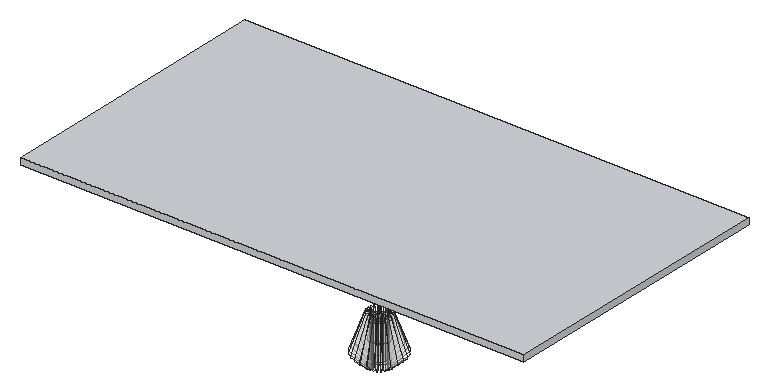
Revit family "Contour - Bevel Large", category Lighting Fixtures, host Face, Revit 2014 (continued)
Automatic sketch dimensions
  Extrusion 16 sketch curve to Extrusion 16 sketch curve = 0.65716"
  Extrusion 16 sketch curve to Extrusion 16 sketch curve = 1.32877"
  Extrusion 16 sketch curve to Extrusion 16 sketch curve = 1.16431"
  Extrusion 16 sketch curve to Extrusion 16 sketch curve = 0.47061"
  Extrusion 17 sketch curve to Extrusion 17 sketch curve = 0.12313"
  Extrusion 17 sketch curve to Extrusion 17 sketch curve = 1/2"
  Extrusion 17 sketch curve to Extrusion 17 sketch curve = 2.44893"
  Extrusion 17 sketch curve to Extrusion 17 sketch curve = 1.92416"
  Extrusion 17 sketch curve to Extrusion 17 sketch curve = 0.75375"
  Extrusion 17 sketch curve to Extrusion 17 sketch curve = 0.33778"
  Extrusion 17 sketch curve to Extrusion 17 sketch curve = 8.30542"
  Extrusion 17 sketch curve to Extrusion 17 sketch curve = 6.3568"
  Extrusion 17 sketch curve to Extrusion 17 sketch curve = 0.16889"
  Extrusion 17 sketch curve to Extrusion 17 sketch curve = 2.34186"
  Extrusion 17 sketch curve to Extrusion 17 sketch curve = 2.8089"
  Extrusion 17 sketch curve to Extrusion 17 sketch curve = 1.54984"
  Extrusion 17 sketch curve to Extrusion 17 sketch curve = 0.65716"
  Extrusion 17 sketch curve to Extrusion 17 sketch curve = 1.32877"
  Extrusion 17 sketch curve to Extrusion 17 sketch curve = 1.16431"
  Extrusion 17 sketch curve to Extrusion 17 sketch curve = 0.47061"
  Extrusion 18 sketch curve to Extrusion 18 sketch curve = 0.12313"
  Extrusion 18 sketch curve to Extrusion 18 sketch curve = 1/2"
  Extrusion 18 sketch curve to Extrusion 18 sketch curve = 2.44893"
  Extrusion 18 sketch curve to Extrusion 18 sketch curve = 1.92416"
  Extrusion 18 sketch curve to Extrusion 18 sketch curve = 0.75375"
  Extrusion 18 sketch curve to Extrusion 18 sketch curve = 0.33778"
  Extrusion 18 sketch curve to Extrusion 18 sketch curve = 8.30542"
  Extrusion 18 sketch curve to Extrusion 18 sketch curve = 6.3568"
  Extrusion 18 sketch curve to Extrusion 18 sketch curve = 0.16889"
  Extrusion 18 sketch curve to Extrusion 18 sketch curve = 2.34186"
  Extrusion 18 sketch curve to Extrusion 18 sketch curve = 2.8089"
  Extrusion 18 sketch curve to Extrusion 18 sketch curve = 1.54984"
  Extrusion 18 sketch curve to Extrusion 18 sketch curve = 0.65716"
  Extrusion 18 sketch curve to Extrusion 18 sketch curve = 1.32877"
  Extrusion 18 sketch curve to Extrusion 18 sketch curve = 1.16431"
  Extrusion 18 sketch curve to Extrusion 18 sketch curve = 0.47061"
  Extrusion 19 sketch curve to Extrusion 19 sketch curve = 0.12313"
  Extrusion 19 sketch curve to Extrusion 19 sketch curve = 1/2"
  Extrusion 19 sketch curve to Extrusion 19 sketch curve = 2.44893"
  Extrusion 19 sketch curve to Extrusion 19 sketch curve = 1.92416"
  Extrusion 19 sketch curve to Extrusion 19 sketch curve = 0.75375"
  Extrusion 19 sketch curve to Extrusion 19 sketch curve = 0.33778"
  Extrusion 19 sketch curve to Extrusion 19 sketch curve = 8.30542"
  Extrusion 19 sketch curve to Extrusion 19 sketch curve = 6.3568"
  Extrusion 19 sketch curve to Extrusion 19 sketch curve = 0.16889"
  Extrusion 19 sketch curve to Extrusion 19 sketch curve = 2.34186"
  Extrusion 19 sketch curve to Extrusion 19 sketch curve = 2.8089"
  Extrusion 19 sketch curve to Extrusion 19 sketch curve = 1.54984"
  Extrusion 19 sketch curve to Extrusion 19 sketch curve = 0.65716"
  Extrusion 19 sketch curve to Extrusion 19 sketch curve = 1.32877"
  Extrusion 19 sketch curve to Extrusion 19 sketch curve = 1.16431"
  Extrusion 19 sketch curve to Extrusion 19 sketch curve = 0.47061"
  Extrusion 20 sketch curve to Extrusion 20 sketch curve = 0.12313"
  Extrusion 20 sketch curve to Extrusion 20 sketch curve = 1/2"
  Extrusion 20 sketch curve to Extrusion 20 sketch curve = 2.44893"
  Extrusion 20 sketch curve to Extrusion 20 sketch curve = 1.92416"
  Extrusion 20 sketch curve to Extrusion 20 sketch curve = 0.75375"
  Extrusion 20 sketch curve to Extrusion 20 sketch curve = 0.33778"
  Extrusion 20 sketch curve to Extrusion 20 sketch curve = 8.30542"
  Extrusion 20 sketch curve to Extrusion 20 sketch curve = 6.3568"
  Extrusion 20 sketch curve to Extrusion 20 sketch curve = 0.16889"
  Extrusion 20 sketch curve to Extrusion 20 sketch curve = 2.34186"
  Extrusion 20 sketch curve to Extrusion 20 sketch curve = 2.8089"
  Extrusion 20 sketch curve to Extrusion 20 sketch curve = 1.54984"
  Extrusion 20 sketch curve to Extrusion 20 sketch curve = 0.65716"
  Extrusion 20 sketch curve to Extrusion 20 sketch curve = 1.32877"
  Extrusion 20 sketch curve to Extrusion 20 sketch curve = 1.16431"
  Extrusion 20 sketch curve to Extrusion 20 sketch curve = 0.47061"
  Extrusion 21 sketch curve to Extrusion 21 sketch curve = 0.12313"
  Extrusion 21 sketch curve to Extrusion 21 sketch curve = 1/2"
  Extrusion 21 sketch curve to Extrusion 21 sketch curve = 2.44893"
  Extrusion 21 sketch curve to Extrusion 21 sketch curve = 1.92416"
  Extrusion 21 sketch curve to Extrusion 21 sketch curve = 0.75375"
  Extrusion 21 sketch curve to Extrusion 21 sketch curve = 0.33778"
  Extrusion 21 sketch curve to Extrusion 21 sketch curve = 8.30542"
  Extrusion 21 sketch curve to Extrusion 21 sketch curve = 6.3568"
  Extrusion 21 sketch curve to Extrusion 21 sketch curve = 0.16889"
  Extrusion 21 sketch curve to Extrusion 21 sketch curve = 2.34186"
  Extrusion 21 sketch curve to Extrusion 21 sketch curve = 2.8089"
  Extrusion 21 sketch curve to Extrusion 21 sketch curve = 1.54984"
  Extrusion 21 sketch curve to Extrusion 21 sketch curve = 0.65716"
  Extrusion 21 sketch curve to Extrusion 21 sketch curve = 1.32877"
  Extrusion 21 sketch curve to Extrusion 21 sketch curve = 1.16431"
  Extrusion 21 sketch curve to Extrusion 21 sketch curve = 0.47061"
  Extrusion 22 sketch curve to Extrusion 22 sketch curve = 0.12313"
  Extrusion 22 sketch curve to Extrusion 22 sketch curve = 1/2"
  Extrusion 22 sketch curve to Extrusion 22 sketch curve = 2.44893"
  Extrusion 22 sketch curve to Extrusion 22 sketch curve = 1.92416"
  Extrusion 22 sketch curve to Extrusion 22 sketch curve = 0.75375"
  Extrusion 22 sketch curve to Extrusion 22 sketch curve = 0.33778"
  Extrusion 22 sketch curve to Extrusion 22 sketch curve = 8.30542"
  Extrusion 22 sketch curve to Extrusion 22 sketch curve = 6.3568"
  Extrusion 22 sketch curve to Extrusion 22 sketch curve = 0.16889"
  Extrusion 22 sketch curve to Extrusion 22 sketch curve = 2.34186"
  Extrusion 22 sketch curve to Extrusion 22 sketch curve = 2.8089"
  Extrusion 22 sketch curve to Extrusion 22 sketch curve = 1.54984"
  Extrusion 22 sketch curve to Extrusion 22 sketch curve = 0.65716"
  Extrusion 22 sketch curve to Extrusion 22 sketch curve = 1.32877"
  Extrusion 22 sketch curve to Extrusion 22 sketch curve = 1.16431"
  Extrusion 22 sketch curve to Extrusion 22 sketch curve = 0.47061"
  Extrusion 23 sketch curve to Extrusion 23 sketch curve = 0.12313"
  Extrusion 23 sketch curve to Extrusion 23 sketch curve = 1/2"
  Extrusion 23 sketch curve to Extrusion 23 sketch curve = 2.44893"
  Extrusion 23 sketch curve to Extrusion 23 sketch curve = 1.92416"
  Extrusion 23 sketch curve to Extrusion 23 sketch curve = 0.75375"
  Extrusion 23 sketch curve to Extrusion 23 sketch curve = 0.33778"
  Extrusion 23 sketch curve to Extrusion 23 sketch curve = 8.30542"
  Extrusion 23 sketch curve to Extrusion 23 sketch curve = 6.3568"
  Extrusion 23 sketch curve to Extrusion 23 sketch curve = 0.16889"
  Extrusion 23 sketch curve to Extrusion 23 sketch curve = 2.34186"
  Extrusion 23 sketch curve to Extrusion 23 sketch curve = 2.8089"
  Extrusion 23 sketch curve to Extrusion 23 sketch curve = 1.54984"
  Extrusion 23 sketch curve to Extrusion 23 sketch curve = 0.65716"
  Extrusion 23 sketch curve to Extrusion 23 sketch curve = 1.32877"
  Extrusion 23 sketch curve to Extrusion 23 sketch curve = 1.16431"
  Extrusion 23 sketch curve to Extrusion 23 sketch curve = 0.47061"
  Extrusion 24 sketch curve to Extrusion 24 sketch curve = 0.12313"
  Extrusion 24 sketch curve to Extrusion 24 sketch curve = 1/2"
  Extrusion 24 sketch curve to Extrusion 24 sketch curve = 2.44893"
  Extrusion 24 sketch curve to Extrusion 24 sketch curve = 1.92416"
  Extrusion 24 sketch curve to Extrusion 24 sketch curve = 0.75375"
  Extrusion 24 sketch curve to Extrusion 24 sketch curve = 0.33778"
  Extrusion 24 sketch curve to Extrusion 24 sketch curve = 8.30542"
  Extrusion 24 sketch curve to Extrusion 24 sketch curve = 6.3568"
  Extrusion 24 sketch curve to Extrusion 24 sketch curve = 0.16889"
  Extrusion 24 sketch curve to Extrusion 24 sketch curve = 2.34186"
  Extrusion 24 sketch curve to Extrusion 24 sketch curve = 2.8089"
  Extrusion 24 sketch curve to Extrusion 24 sketch curve = 1.54984"
  Extrusion 24 sketch curve to Extrusion 24 sketch curve = 0.65716"
  Extrusion 24 sketch curve to Extrusion 24 sketch curve = 1.32877"
  Extrusion 24 sketch curve to Extrusion 24 sketch curve = 1.16431"
  Extrusion 24 sketch curve to Extrusion 24 sketch curve = 0.47061"
  Extrusion 25 sketch curve to Extrusion 25 sketch curve = 0.12313"
  Extrusion 25 sketch curve to Extrusion 25 sketch curve = 1/2"
  Extrusion 25 sketch curve to Extrusion 25 sketch curve = 2.44893"
  Extrusion 25 sketch curve to Extrusion 25 sketch curve = 1.92416"
  Extrusion 25 sketch curve to Extrusion 25 sketch curve = 0.75375"
  Extrusion 25 sketch curve to Extrusion 25 sketch curve = 0.33778"
  Extrusion 25 sketch curve to Extrusion 25 sketch curve = 8.30542"
  Extrusion 25 sketch curve to Extrusion 25 sketch curve = 6.3568"
  Extrusion 25 sketch curve to Extrusion 25 sketch curve = 0.16889"
  Extrusion 25 sketch curve to Extrusion 25 sketch curve = 2.34186"
  Extrusion 25 sketch curve to Extrusion 25 sketch curve = 2.8089"
  Extrusion 25 sketch curve to Extrusion 25 sketch curve = 1.54984"
  Extrusion 25 sketch curve to Extrusion 25 sketch curve = 0.65716"
  Extrusion 25 sketch curve to Extrusion 25 sketch curve = 1.32877"
  Extrusion 25 sketch curve to Extrusion 25 sketch curve = 1.16431"
  Extrusion 25 sketch curve to Extrusion 25 sketch curve = 0.47061"
  Extrusion 26 sketch curve to Extrusion 26 sketch curve = 0.12313"
  Extrusion 26 sketch curve to Extrusion 26 sketch curve = 1/2"
  Extrusion 26 sketch curve to Extrusion 26 sketch curve = 2.44893"
  Extrusion 26 sketch curve to Extrusion 26 sketch curve = 1.92416"
  Extrusion 26 sketch curve to Extrusion 26 sketch curve = 0.75375"
  Extrusion 26 sketch curve to Extrusion 26 sketch curve = 0.33778"
  Extrusion 26 sketch curve to Extrusion 26 sketch curve = 8.30542"
  Extrusion 26 sketch curve to Extrusion 26 sketch curve = 6.3568"
  Extrusion 26 sketch curve to Extrusion 26 sketch curve = 0.16889"
  Extrusion 26 sketch curve to Extrusion 26 sketch curve = 2.34186"
  Extrusion 26 sketch curve to Extrusion 26 sketch curve = 2.8089"
  Extrusion 26 sketch curve to Extrusion 26 sketch curve = 1.54984"
  Extrusion 26 sketch curve to Extrusion 26 sketch curve = 0.65716"
  Extrusion 26 sketch curve to Extrusion 26 sketch curve = 1.32877"
  Extrusion 26 sketch curve to Extrusion 26 sketch curve = 1.16431"
  Extrusion 26 sketch curve to Extrusion 26 sketch curve = 0.47061"
  Extrusion 27 sketch curve to Extrusion 27 sketch curve = 0.12313"
  Extrusion 27 sketch curve to Extrusion 27 sketch curve = 1/2"
  Extrusion 27 sketch curve to Extrusion 27 sketch curve = 2.44893"
  Extrusion 27 sketch curve to Extrusion 27 sketch curve = 1.92416"
  Extrusion 27 sketch curve to Extrusion 27 sketch curve = 0.75375"
  Extrusion 27 sketch curve to Extrusion 27 sketch curve = 0.33778"
  Extrusion 27 sketch curve to Extrusion 27 sketch curve = 8.30542"
  Extrusion 27 sketch curve to Extrusion 27 sketch curve = 6.3568"
  Extrusion 27 sketch curve to Extrusion 27 sketch curve = 0.16889"
  Extrusion 27 sketch curve to Extrusion 27 sketch curve = 2.34186"
  Extrusion 27 sketch curve to Extrusion 27 sketch curve = 2.8089"
  Extrusion 27 sketch curve to Extrusion 27 sketch curve = 1.54984"
  Extrusion 27 sketch curve to Extrusion 27 sketch curve = 0.65716"
  Extrusion 27 sketch curve to Extrusion 27 sketch curve = 1.32877"
  Extrusion 27 sketch curve to Extrusion 27 sketch curve = 1.16431"
  Extrusion 27 sketch curve to Extrusion 27 sketch curve = 0.47061"
  Extrusion 28 sketch curve to Extrusion 28 sketch curve = 0.12313"
  Extrusion 28 sketch curve to Extrusion 28 sketch curve = 1/2"
  Extrusion 28 sketch curve to Extrusion 28 sketch curve = 2.44893"
  Extrusion 28 sketch curve to Extrusion 28 sketch curve = 1.92416"
  Extrusion 28 sketch curve to Extrusion 28 sketch curve = 0.75375"
  Extrusion 28 sketch curve to Extrusion 28 sketch curve = 0.33778"
  Extrusion 28 sketch curve to Extrusion 28 sketch curve = 8.30542"
  Extrusion 28 sketch curve to Extrusion 28 sketch curve = 6.3568"
  Extrusion 28 sketch curve to Extrusion 28 sketch curve = 0.16889"
  Extrusion 28 sketch curve to Extrusion 28 sketch curve = 2.34186"
  Extrusion 28 sketch curve to Extrusion 28 sketch curve = 2.8089"
  Extrusion 28 sketch curve to Extrusion 28 sketch curve = 1.54984"
  Extrusion 28 sketch curve to Extrusion 28 sketch curve = 0.65716"
  Extrusion 28 sketch curve to Extrusion 28 sketch curve = 1.32877"
  Extrusion 28 sketch curve to Extrusion 28 sketch curve = 1.16431"
  Extrusion 28 sketch curve to Extrusion 28 sketch curve = 0.47061"
  Extrusion 1 sketch curve to Extrusion 1 sketch curve = 215.94313"
  Extrusion 1 sketch curve to Extrusion 1 sketch curve = 120"
  Sweep 29 sketch curve to profile plane = 0"
  Sweep 29 sketch curve to profile plane = 9.17777"
  Sweep 29 sketch curve to plane 3 "Light Source Axis (L/R)" = 0.1109"
  Sweep 29 sketch curve to plane 2 "Ceiling" = 0.38303"
  plane 5 to Sweep 29 sketch curve = 0.42212"
  Extrusion 3 sketch curve to Extrusion 3 sketch curve = 0"  (x2)
  Extrusion 30 sketch curve to Extrusion 30 sketch curve = 0.12313"
  Extrusion 30 sketch curve to Extrusion 30 sketch curve = 1/2"
  Extrusion 30 sketch curve to Extrusion 30 sketch curve = 2.44893"
  Extrusion 30 sketch curve to Extrusion 30 sketch curve = 1.92416"
  Extrusion 30 sketch curve to Extrusion 30 sketch curve = 0.75375"
  Extrusion 30 sketch curve to Extrusion 30 sketch curve = 0.33778"
  Extrusion 30 sketch curve to Extrusion 30 sketch curve = 8.30542"
  Extrusion 30 sketch curve to Extrusion 30 sketch curve = 6.3568"
  Extrusion 30 sketch curve to Extrusion 30 sketch curve = 0.16889"
  Extrusion 30 sketch curve to Extrusion 30 sketch curve = 2.34186"
  Extrusion 30 sketch curve to Extrusion 30 sketch curve = 2.8089"
  Extrusion 30 sketch curve to Extrusion 30 sketch curve = 1.54984"
  Extrusion 30 sketch curve to Extrusion 30 sketch curve = 0.65716"
  Extrusion 30 sketch curve to Extrusion 30 sketch curve = 1.32877"
  Extrusion 30 sketch curve to Extrusion 30 sketch curve = 1.16431"
  Extrusion 30 sketch curve to Extrusion 30 sketch curve = 0.47061"
  Extrusion 34 sketch curve to Extrusion 34 sketch curve = 0.12313"
  Extrusion 34 sketch curve to Extrusion 34 sketch curve = 1/2"
  Extrusion 34 sketch curve to Extrusion 34 sketch curve = 2.44893"
  Extrusion 34 sketch curve to Extrusion 34 sketch curve = 1.92416"
  Extrusion 34 sketch curve to Extrusion 34 sketch curve = 0.75375"
  Extrusion 34 sketch curve to Extrusion 34 sketch curve = 0.33778"
  Extrusion 34 sketch curve to Extrusion 34 sketch curve = 8.30542"
  Extrusion 34 sketch curve to Extrusion 34 sketch curve = 6.3568"
  Extrusion 34 sketch curve to Extrusion 34 sketch curve = 0.16889"
  Extrusion 34 sketch curve to Extrusion 34 sketch curve = 2.34186"
  Extrusion 34 sketch curve to Extrusion 34 sketch curve = 2.8089"
  Extrusion 34 sketch curve to Extrusion 34 sketch curve = 1.54984"
  Extrusion 34 sketch curve to Extrusion 34 sketch curve = 0.65716"
  Extrusion 34 sketch curve to Extrusion 34 sketch curve = 1.32877"
  Extrusion 34 sketch curve to Extrusion 34 sketch curve = 1.16431"
  Extrusion 34 sketch curve to Extrusion 34 sketch curve = 0.47061"
  Extrusion 35 sketch curve to Extrusion 35 sketch curve = 0.12313"
  Extrusion 35 sketch curve to Extrusion 35 sketch curve = 1/2"
  Extrusion 35 sketch curve to Extrusion 35 sketch curve = 2.44893"
  Extrusion 35 sketch curve to Extrusion 35 sketch curve = 1.92416"
  Extrusion 35 sketch curve to Extrusion 35 sketch curve = 0.75375"
  Extrusion 35 sketch curve to Extrusion 35 sketch curve = 0.33778"
  Extrusion 35 sketch curve to Extrusion 35 sketch curve = 8.30542"
  Extrusion 35 sketch curve to Extrusion 35 sketch curve = 6.3568"
  Extrusion 35 sketch curve to Extrusion 35 sketch curve = 0.16889"
  Extrusion 35 sketch curve to Extrusion 35 sketch curve = 2.34186"
  Extrusion 35 sketch curve to Extrusion 35 sketch curve = 2.8089"
  Extrusion 35 sketch curve to Extrusion 35 sketch curve = 1.54984"
  Extrusion 35 sketch curve to Extrusion 35 sketch curve = 0.65716"
  Extrusion 35 sketch curve to Extrusion 35 sketch curve = 1.32877"
  Extrusion 35 sketch curve to Extrusion 35 sketch curve = 1.16431"
  Extrusion 35 sketch curve to Extrusion 35 sketch curve = 0.47061"
  Extrusion 36 sketch curve to Extrusion 36 sketch curve = 0.12313"
  Extrusion 36 sketch curve to Extrusion 36 sketch curve = 1/2"
  Extrusion 36 sketch curve to Extrusion 36 sketch curve = 2.44893"
  Extrusion 36 sketch curve to Extrusion 36 sketch curve = 1.92416"
  Extrusion 36 sketch curve to Extrusion 36 sketch curve = 0.75375"
  Extrusion 36 sketch curve to Extrusion 36 sketch curve = 0.33778"
  Extrusion 36 sketch curve to Extrusion 36 sketch curve = 8.30542"
  Extrusion 36 sketch curve to Extrusion 36 sketch curve = 6.3568"
  Extrusion 36 sketch curve to Extrusion 36 sketch curve = 0.16889"
  Extrusion 36 sketch curve to Extrusion 36 sketch curve = 2.34186"
  Extrusion 36 sketch curve to Extrusion 36 sketch curve = 2.8089"
  Extrusion 36 sketch curve to Extrusion 36 sketch curve = 1.54984"
  Extrusion 36 sketch curve to Extrusion 36 sketch curve = 0.65716"
  Extrusion 36 sketch curve to Extrusion 36 sketch curve = 1.32877"
  Extrusion 36 sketch curve to Extrusion 36 sketch curve = 1.16431"
  Extrusion 36 sketch curve to Extrusion 36 sketch curve = 0.47061"
  Extrusion 37 sketch curve to Extrusion 37 sketch curve = 0.12313"
  Extrusion 37 sketch curve to Extrusion 37 sketch curve = 1/2"
  Extrusion 37 sketch curve to Extrusion 37 sketch curve = 2.44893"
  Extrusion 37 sketch curve to Extrusion 37 sketch curve = 1.92416"
  Extrusion 37 sketch curve to Extrusion 37 sketch curve = 0.75375"
  Extrusion 37 sketch curve to Extrusion 37 sketch curve = 0.33778"
  Extrusion 37 sketch curve to Extrusion 37 sketch curve = 8.30542"
  Extrusion 37 sketch curve to Extrusion 37 sketch curve = 6.3568"
  Extrusion 37 sketch curve to Extrusion 37 sketch curve = 0.16889"
  Extrusion 37 sketch curve to Extrusion 37 sketch curve = 2.34186"
  Extrusion 37 sketch curve to Extrusion 37 sketch curve = 2.8089"
  Extrusion 37 sketch curve to Extrusion 37 sketch curve = 1.54984"
  Extrusion 37 sketch curve to Extrusion 37 sketch curve = 0.65716"
  Extrusion 37 sketch curve to Extrusion 37 sketch curve = 1.32877"
  Extrusion 37 sketch curve to Extrusion 37 sketch curve = 1.16431"
  Extrusion 37 sketch curve to Extrusion 37 sketch curve = 0.47061"
  Extrusion 38 sketch curve to Extrusion 38 sketch curve = 0.12313"
  Extrusion 38 sketch curve to Extrusion 38 sketch curve = 1/2"
  Extrusion 38 sketch curve to Extrusion 38 sketch curve = 2.44893"
  Extrusion 38 sketch curve to Extrusion 38 sketch curve = 1.92416"
  Extrusion 38 sketch curve to Extrusion 38 sketch curve = 0.75375"
  Extrusion 38 sketch curve to Extrusion 38 sketch curve = 0.33778"
  Extrusion 38 sketch curve to Extrusion 38 sketch curve = 8.30542"
  Extrusion 38 sketch curve to Extrusion 38 sketch curve = 6.3568"
  Extrusion 38 sketch curve to Extrusion 38 sketch curve = 0.16889"
  Extrusion 38 sketch curve to Extrusion 38 sketch curve = 2.34186"
  Extrusion 38 sketch curve to Extrusion 38 sketch curve = 2.8089"
  Extrusion 38 sketch curve to Extrusion 38 sketch curve = 1.54984"
  Extrusion 38 sketch curve to Extrusion 38 sketch curve = 0.65716"
  Extrusion 38 sketch curve to Extrusion 38 sketch curve = 1.32877"
  Extrusion 38 sketch curve to Extrusion 38 sketch curve = 1.16431"
  Extrusion 38 sketch curve to Extrusion 38 sketch curve = 0.47061"
  Extrusion 39 sketch curve to Extrusion 39 sketch curve = 0.12313"
  Extrusion 39 sketch curve to Extrusion 39 sketch curve = 1/2"
  Extrusion 39 sketch curve to Extrusion 39 sketch curve = 2.44893"
  Extrusion 39 sketch curve to Extrusion 39 sketch curve = 1.92416"
  Extrusion 39 sketch curve to Extrusion 39 sketch curve = 0.75375"
  Extrusion 39 sketch curve to Extrusion 39 sketch curve = 0.33778"
  Extrusion 39 sketch curve to Extrusion 39 sketch curve = 8.30542"
  Extrusion 39 sketch curve to Extrusion 39 sketch curve = 6.3568"
  Extrusion 39 sketch curve to Extrusion 39 sketch curve = 0.16889"
  Extrusion 39 sketch curve to Extrusion 39 sketch curve = 2.34186"
  Extrusion 39 sketch curve to Extrusion 39 sketch curve = 2.8089"
  Extrusion 39 sketch curve to Extrusion 39 sketch curve = 1.54984"
  Extrusion 39 sketch curve to Extrusion 39 sketch curve = 0.65716"
  Extrusion 39 sketch curve to Extrusion 39 sketch curve = 1.32877"
  Extrusion 39 sketch curve to Extrusion 39 sketch curve = 1.16431"
  Extrusion 39 sketch curve to Extrusion 39 sketch curve = 0.47061"
  Extrusion 40 sketch curve to Extrusion 40 sketch curve = 0.12313"
  Extrusion 40 sketch curve to Extrusion 40 sketch curve = 1/2"
  Extrusion 40 sketch curve to Extrusion 40 sketch curve = 2.44893"
  Extrusion 40 sketch curve to Extrusion 40 sketch curve = 1.92416"
  Extrusion 40 sketch curve to Extrusion 40 sketch curve = 0.75375"
  Extrusion 40 sketch curve to Extrusion 40 sketch curve = 0.33778"
  Extrusion 40 sketch curve to Extrusion 40 sketch curve = 8.30542"
  Extrusion 40 sketch curve to Extrusion 40 sketch curve = 6.3568"
  Extrusion 40 sketch curve to Extrusion 40 sketch curve = 0.16889"
  Extrusion 40 sketch curve to Extrusion 40 sketch curve = 2.34186"
  Extrusion 40 sketch curve to Extrusion 40 sketch curve = 2.8089"
  Extrusion 40 sketch curve to Extrusion 40 sketch curve = 1.54984"
  Extrusion 40 sketch curve to Extrusion 40 sketch curve = 0.65716"
  Extrusion 40 sketch curve to Extrusion 40 sketch curve = 1.32877"
  Extrusion 40 sketch curve to Extrusion 40 sketch curve = 1.16431"
  Extrusion 40 sketch curve to Extrusion 40 sketch curve = 0.47061"
  Extrusion 41 sketch curve to Extrusion 41 sketch curve = 0.12313"
  Extrusion 41 sketch curve to Extrusion 41 sketch curve = 1/2"
  Extrusion 41 sketch curve to Extrusion 41 sketch curve = 2.44893"
  Extrusion 41 sketch curve to Extrusion 41 sketch curve = 1.92416"
  Extrusion 41 sketch curve to Extrusion 41 sketch curve = 0.75375"
  Extrusion 41 sketch curve to Extrusion 41 sketch curve = 0.33778"
  Extrusion 41 sketch curve to Extrusion 41 sketch curve = 8.30542"
  Extrusion 41 sketch curve to Extrusion 41 sketch curve = 6.3568"
  Extrusion 41 sketch curve to Extrusion 41 sketch curve = 0.16889"
  Extrusion 41 sketch curve to Extrusion 41 sketch curve = 2.34186"
  Extrusion 41 sketch curve to Extrusion 41 sketch curve = 2.8089"
  Extrusion 41 sketch curve to Extrusion 41 sketch curve = 1.54984"
  Extrusion 41 sketch curve to Extrusion 41 sketch curve = 0.65716"
  Extrusion 41 sketch curve to Extrusion 41 sketch curve = 1.32877"
  Extrusion 41 sketch curve to Extrusion 41 sketch curve = 1.16431"
  Extrusion 41 sketch curve to Extrusion 41 sketch curve = 0.47061"
  Extrusion 42 sketch curve to Extrusion 42 sketch curve = 0.12313"
  Extrusion 42 sketch curve to Extrusion 42 sketch curve = 1/2"
  Extrusion 42 sketch curve to Extrusion 42 sketch curve = 2.44893"
  Extrusion 42 sketch curve to Extrusion 42 sketch curve = 1.92416"
  Extrusion 42 sketch curve to Extrusion 42 sketch curve = 0.75375"
  Extrusion 42 sketch curve to Extrusion 42 sketch curve = 0.33778"
  Extrusion 42 sketch curve to Extrusion 42 sketch curve = 8.30542"
  Extrusion 42 sketch curve to Extrusion 42 sketch curve = 6.3568"
  Extrusion 42 sketch curve to Extrusion 42 sketch curve = 0.16889"
  Extrusion 42 sketch curve to Extrusion 42 sketch curve = 2.34186"
  Extrusion 42 sketch curve to Extrusion 42 sketch curve = 2.8089"
  Extrusion 42 sketch curve to Extrusion 42 sketch curve = 1.54984"
  Extrusion 42 sketch curve to Extrusion 42 sketch curve = 0.65716"
  Extrusion 42 sketch curve to Extrusion 42 sketch curve = 1.32877"
  Extrusion 42 sketch curve to Extrusion 42 sketch curve = 1.16431"
  Extrusion 42 sketch curve to Extrusion 42 sketch curve = 0.47061"
  Extrusion 43 sketch curve to Extrusion 43 sketch curve = 0.12313"
  Extrusion 43 sketch curve to Extrusion 43 sketch curve = 1/2"
  Extrusion 43 sketch curve to Extrusion 43 sketch curve = 2.44893"
  Extrusion 43 sketch curve to Extrusion 43 sketch curve = 1.92416"
  Extrusion 43 sketch curve to Extrusion 43 sketch curve = 0.75375"
  Extrusion 43 sketch curve to Extrusion 43 sketch curve = 0.33778"
  Extrusion 43 sketch curve to Extrusion 43 sketch curve = 8.30542"
  Extrusion 43 sketch curve to Extrusion 43 sketch curve = 6.3568"
  Extrusion 43 sketch curve to Extrusion 43 sketch curve = 0.16889"
  Extrusion 43 sketch curve to Extrusion 43 sketch curve = 2.34186"
  Extrusion 43 sketch curve to Extrusion 43 sketch curve = 2.8089"
  Extrusion 43 sketch curve to Extrusion 43 sketch curve = 1.54984"
  Extrusion 43 sketch curve to Extrusion 43 sketch curve = 0.65716"
  Extrusion 43 sketch curve to Extrusion 43 sketch curve = 1.32877"
  Extrusion 43 sketch curve to Extrusion 43 sketch curve = 1.16431"
  Extrusion 43 sketch curve to Extrusion 43 sketch curve = 0.47061"
  Extrusion 44 sketch curve to Extrusion 44 sketch curve = 0.12313"
  Extrusion 44 sketch curve to Extrusion 44 sketch curve = 1/2"
  Extrusion 44 sketch curve to Extrusion 44 sketch curve = 2.44893"
  Extrusion 44 sketch curve to Extrusion 44 sketch curve = 1.92416"
  Extrusion 44 sketch curve to Extrusion 44 sketch curve = 0.75375"
  Extrusion 44 sketch curve to Extrusion 44 sketch curve = 0.33778"
  Extrusion 44 sketch curve to Extrusion 44 sketch curve = 8.30542"
  Extrusion 44 sketch curve to Extrusion 44 sketch curve = 6.3568"
  Extrusion 44 sketch curve to Extrusion 44 sketch curve = 0.16889"
  Extrusion 44 sketch curve to Extrusion 44 sketch curve = 2.34186"
  Extrusion 44 sketch curve to Extrusion 44 sketch curve = 2.8089"
  Extrusion 44 sketch curve to Extrusion 44 sketch curve = 1.54984"
  Extrusion 44 sketch curve to Extrusion 44 sketch curve = 0.65716"
  Extrusion 44 sketch curve to Extrusion 44 sketch curve = 1.32877"
  Extrusion 44 sketch curve to Extrusion 44 sketch curve = 1.16431"
  Extrusion 44 sketch curve to Extrusion 44 sketch curve = 0.47061"
  Extrusion 45 sketch curve to Extrusion 45 sketch curve = 0.12313"
  Extrusion 45 sketch curve to Extrusion 45 sketch curve = 1/2"
  Extrusion 45 sketch curve to Extrusion 45 sketch curve = 2.44893"
  Extrusion 45 sketch curve to Extrusion 45 sketch curve = 1.92416"
  Extrusion 45 sketch curve to Extrusion 45 sketch curve = 0.75375"
  Extrusion 45 sketch curve to Extrusion 45 sketch curve = 0.33778"
  Extrusion 45 sketch curve to Extrusion 45 sketch curve = 8.30542"
  Extrusion 45 sketch curve to Extrusion 45 sketch curve = 6.3568"
  Extrusion 45 sketch curve to Extrusion 45 sketch curve = 0.16889"
  Extrusion 45 sketch curve to Extrusion 45 sketch curve = 2.34186"
  Extrusion 45 sketch curve to Extrusion 45 sketch curve = 2.8089"
  Extrusion 45 sketch curve to Extrusion 45 sketch curve = 1.54984"
  Extrusion 45 sketch curve to Extrusion 45 sketch curve = 0.65716"
  Extrusion 45 sketch curve to Extrusion 45 sketch curve = 1.32877"
  Extrusion 45 sketch curve to Extrusion 45 sketch curve = 1.16431"
  Extrusion 45 sketch curve to Extrusion 45 sketch curve = 0.47061"
  Extrusion 46 sketch curve to Extrusion 46 sketch curve = 0.12313"
  Extrusion 46 sketch curve to Extrusion 46 sketch curve = 1/2"
  Extrusion 46 sketch curve to Extrusion 46 sketch curve = 2.44893"
  Extrusion 46 sketch curve to Extrusion 46 sketch curve = 1.92416"
  Extrusion 46 sketch curve to Extrusion 46 sketch curve = 0.75375"
  Extrusion 46 sketch curve to Extrusion 46 sketch curve = 0.33778"
  Extrusion 46 sketch curve to Extrusion 46 sketch curve = 8.30542"
  Extrusion 46 sketch curve to Extrusion 46 sketch curve = 6.3568"
  Extrusion 46 sketch curve to Extrusion 46 sketch curve = 0.16889"
  Extrusion 46 sketch curve to Extrusion 46 sketch curve = 2.34186"
  Extrusion 46 sketch curve to Extrusion 46 sketch curve = 2.8089"
  Extrusion 46 sketch curve to Extrusion 46 sketch curve = 1.54984"
  Extrusion 46 sketch curve to Extrusion 46 sketch curve = 0.65716"
  Extrusion 46 sketch curve to Extrusion 46 sketch curve = 1.32877"
  Extrusion 46 sketch curve to Extrusion 46 sketch curve = 1.16431"
  Extrusion 46 sketch curve to Extrusion 46 sketch curve = 0.47061"
  Extrusion 47 sketch curve to Extrusion 47 sketch curve = 0.12313"
  Extrusion 47 sketch curve to Extrusion 47 sketch curve = 1/2"
  Extrusion 47 sketch curve to Extrusion 47 sketch curve = 2.44893"
  Extrusion 47 sketch curve to Extrusion 47 sketch curve = 1.92416"
  Extrusion 47 sketch curve to Extrusion 47 sketch curve = 0.75375"
  Extrusion 47 sketch curve to Extrusion 47 sketch curve = 0.33778"
  Extrusion 47 sketch curve to Extrusion 47 sketch curve = 8.30542"
  Extrusion 47 sketch curve to Extrusion 47 sketch curve = 6.3568"
  Extrusion 47 sketch curve to Extrusion 47 sketch curve = 0.16889"
  Extrusion 47 sketch curve to Extrusion 47 sketch curve = 2.34186"
  Extrusion 47 sketch curve to Extrusion 47 sketch curve = 2.8089"
  Extrusion 47 sketch curve to Extrusion 47 sketch curve = 1.54984"
  Extrusion 47 sketch curve to Extrusion 47 sketch curve = 0.65716"
  Extrusion 47 sketch curve to Extrusion 47 sketch curve = 1.32877"
  Extrusion 47 sketch curve to Extrusion 47 sketch curve = 1.16431"
  Extrusion 47 sketch curve to Extrusion 47 sketch curve = 0.47061"
  Extrusion 48 sketch curve to Extrusion 48 sketch curve = 0.12313"
  Extrusion 48 sketch curve to Extrusion 48 sketch curve = 1/2"
  Extrusion 48 sketch curve to Extrusion 48 sketch curve = 2.44893"
  Extrusion 48 sketch curve to Extrusion 48 sketch curve = 1.92416"
  Extrusion 48 sketch curve to Extrusion 48 sketch curve = 0.75375"
  Extrusion 48 sketch curve to Extrusion 48 sketch curve = 0.33778"
  Extrusion 48 sketch curve to Extrusion 48 sketch curve = 8.30542"
  Extrusion 48 sketch curve to Extrusion 48 sketch curve = 6.3568"
  Extrusion 48 sketch curve to Extrusion 48 sketch curve = 0.16889"
  Extrusion 48 sketch curve to Extrusion 48 sketch curve = 2.34186"
  Extrusion 48 sketch curve to Extrusion 48 sketch curve = 2.8089"
  Extrusion 48 sketch curve to Extrusion 48 sketch curve = 1.54984"
  Extrusion 48 sketch curve to Extrusion 48 sketch curve = 0.65716"
  Extrusion 48 sketch curve to Extrusion 48 sketch curve = 1.32877"
  Extrusion 48 sketch curve to Extrusion 48 sketch curve = 1.16431"
  Extrusion 48 sketch curve to Extrusion 48 sketch curve = 0.47061"
  Extrusion 49 sketch curve to Extrusion 49 sketch curve = 0.12313"
  Extrusion 49 sketch curve to Extrusion 49 sketch curve = 1/2"
  Extrusion 49 sketch curve to Extrusion 49 sketch curve = 2.44893"
  Extrusion 49 sketch curve to Extrusion 49 sketch curve = 1.92416"
  Extrusion 49 sketch curve to Extrusion 49 sketch curve = 0.75375"
  Extrusion 49 sketch curve to Extrusion 49 sketch curve = 0.33778"
  Extrusion 49 sketch curve to Extrusion 49 sketch curve = 8.30542"
  Extrusion 49 sketch curve to Extrusion 49 sketch curve = 6.3568"
  Extrusion 49 sketch curve to Extrusion 49 sketch curve = 0.16889"
  Extrusion 49 sketch curve to Extrusion 49 sketch curve = 2.34186"
  Extrusion 49 sketch curve to Extrusion 49 sketch curve = 2.8089"
  Extrusion 49 sketch curve to Extrusion 49 sketch curve = 1.54984"
  Extrusion 49 sketch curve to Extrusion 49 sketch curve = 0.65716"
  Extrusion 49 sketch curve to Extrusion 49 sketch curve = 1.32877"
  Extrusion 49 sketch curve to Extrusion 49 sketch curve = 1.16431"
  Extrusion 49 sketch curve to Extrusion 49 sketch curve = 0.47061"
  Extrusion 50 sketch curve to Extrusion 50 sketch curve = 0.12313"
  Extrusion 50 sketch curve to Extrusion 50 sketch curve = 1/2"
  Extrusion 50 sketch curve to Extrusion 50 sketch curve = 2.44893"
  Extrusion 50 sketch curve to Extrusion 50 sketch curve = 1.92416"
  Extrusion 50 sketch curve to Extrusion 50 sketch curve = 0.75375"
  Extrusion 50 sketch curve to Extrusion 50 sketch curve = 0.33778"
  Extrusion 50 sketch curve to Extrusion 50 sketch curve = 8.30542"
  Extrusion 50 sketch curve to Extrusion 50 sketch curve = 6.3568"
  Extrusion 50 sketch curve to Extrusion 50 sketch curve = 0.16889"
  Extrusion 50 sketch curve to Extrusion 50 sketch curve = 2.34186"
  Extrusion 50 sketch curve to Extrusion 50 sketch curve = 2.8089"
  Extrusion 50 sketch curve to Extrusion 50 sketch curve = 1.54984"
  Extrusion 50 sketch curve to Extrusion 50 sketch curve = 0.65716"
  Extrusion 50 sketch curve to Extrusion 50 sketch curve = 1.32877"
  Extrusion 50 sketch curve to Extrusion 50 sketch curve = 1.16431"
  Extrusion 50 sketch curve to Extrusion 50 sketch curve = 0.47061"
  Extrusion 51 sketch curve to Extrusion 51 sketch curve = 0.12313"
  Extrusion 51 sketch curve to Extrusion 51 sketch curve = 1/2"
  Extrusion 51 sketch curve to Extrusion 51 sketch curve = 2.44893"
  Extrusion 51 sketch curve to Extrusion 51 sketch curve = 1.92416"
  Extrusion 51 sketch curve to Extrusion 51 sketch curve = 0.75375"
  Extrusion 51 sketch curve to Extrusion 51 sketch curve = 0.33778"
  Extrusion 51 sketch curve to Extrusion 51 sketch curve = 8.30542"
  Extrusion 51 sketch curve to Extrusion 51 sketch curve = 6.3568"
  Extrusion 51 sketch curve to Extrusion 51 sketch curve = 0.16889"
  Extrusion 51 sketch curve to Extrusion 51 sketch curve = 2.34186"
  Extrusion 51 sketch curve to Extrusion 51 sketch curve = 2.8089"
  Extrusion 51 sketch curve to Extrusion 51 sketch curve = 1.54984"
  Extrusion 51 sketch curve to Extrusion 51 sketch curve = 0.65716"
  Extrusion 51 sketch curve to Extrusion 51 sketch curve = 1.32877"
  Extrusion 51 sketch curve to Extrusion 51 sketch curve = 1.16431"
  Extrusion 51 sketch curve to Extrusion 51 sketch curve = 0.47061"
  Extrusion 52 sketch curve to Extrusion 52 sketch curve = 0.12313"
  Extrusion 52 sketch curve to Extrusion 52 sketch curve = 1/2"
  Extrusion 52 sketch curve to Extrusion 52 sketch curve = 2.44893"
  Extrusion 52 sketch curve to Extrusion 52 sketch curve = 1.92416"
  Extrusion 52 sketch curve to Extrusion 52 sketch curve = 0.75375"
  Extrusion 52 sketch curve to Extrusion 52 sketch curve = 0.33778"
  Extrusion 52 sketch curve to Extrusion 52 sketch curve = 8.30542"
  Extrusion 52 sketch curve to Extrusion 52 sketch curve = 6.3568"
  Extrusion 52 sketch curve to Extrusion 52 sketch curve = 0.16889"
  Extrusion 52 sketch curve to Extrusion 52 sketch curve = 2.34186"
  Extrusion 52 sketch curve to Extrusion 52 sketch curve = 2.8089"
  Extrusion 52 sketch curve to Extrusion 52 sketch curve = 1.54984"
  Extrusion 52 sketch curve to Extrusion 52 sketch curve = 0.65716"
  Extrusion 52 sketch curve to Extrusion 52 sketch curve = 1.32877"
  Extrusion 52 sketch curve to Extrusion 52 sketch curve = 1.16431"
  Extrusion 52 sketch curve to Extrusion 52 sketch curve = 0.47061"
  Extrusion 53 sketch curve to Extrusion 53 sketch curve = 0.12313"
  Extrusion 53 sketch curve to Extrusion 53 sketch curve = 1/2"
  Extrusion 53 sketch curve to Extrusion 53 sketch curve = 2.44893"
  Extrusion 53 sketch curve to Extrusion 53 sketch curve = 1.92416"
  Extrusion 53 sketch curve to Extrusion 53 sketch curve = 0.75375"
  Extrusion 53 sketch curve to Extrusion 53 sketch curve = 0.33778"
  Extrusion 53 sketch curve to Extrusion 53 sketch curve = 8.30542"
  Extrusion 53 sketch curve to Extrusion 53 sketch curve = 6.3568"
  Extrusion 53 sketch curve to Extrusion 53 sketch curve = 0.16889"
  Extrusion 53 sketch curve to Extrusion 53 sketch curve = 2.34186"
  Extrusion 53 sketch curve to Extrusion 53 sketch curve = 2.8089"
  Extrusion 53 sketch curve to Extrusion 53 sketch curve = 1.54984"
  Extrusion 53 sketch curve to Extrusion 53 sketch curve = 0.65716"
  Extrusion 53 sketch curve to Extrusion 53 sketch curve = 1.32877"
  Extrusion 53 sketch curve to Extrusion 53 sketch curve = 1.16431"
  Extrusion 53 sketch curve to Extrusion 53 sketch curve = 0.47061"
  Extrusion 54 sketch curve to Extrusion 54 sketch curve = 0.12313"
  Extrusion 54 sketch curve to Extrusion 54 sketch curve = 1/2"
  Extrusion 54 sketch curve to Extrusion 54 sketch curve = 2.44893"
  Extrusion 54 sketch curve to Extrusion 54 sketch curve = 1.92416"
  Extrusion 54 sketch curve to Extrusion 54 sketch curve = 0.75375"
  Extrusion 54 sketch curve to Extrusion 54 sketch curve = 0.33778"
  Extrusion 54 sketch curve to Extrusion 54 sketch curve = 8.30542"
  Extrusion 54 sketch curve to Extrusion 54 sketch curve = 6.3568"
  Extrusion 54 sketch curve to Extrusion 54 sketch curve = 0.16889"
  Extrusion 54 sketch curve to Extrusion 54 sketch curve = 2.34186"
  Extrusion 54 sketch curve to Extrusion 54 sketch curve = 2.8089"
  Extrusion 54 sketch curve to Extrusion 54 sketch curve = 1.54984"
  Extrusion 54 sketch curve to Extrusion 54 sketch curve = 0.65716"
  Extrusion 54 sketch curve to Extrusion 54 sketch curve = 1.32877"
  Extrusion 54 sketch curve to Extrusion 54 sketch curve = 1.16431"
  Extrusion 54 sketch curve to Extrusion 54 sketch curve = 0.47061"
  Extrusion 55 sketch curve to Extrusion 55 sketch curve = 0.12313"
  Extrusion 55 sketch curve to Extrusion 55 sketch curve = 1/2"
  Extrusion 55 sketch curve to Extrusion 55 sketch curve = 2.44893"
  Extrusion 55 sketch curve to Extrusion 55 sketch curve = 1.92416"
  Extrusion 55 sketch curve to Extrusion 55 sketch curve = 0.75375"
  Extrusion 55 sketch curve to Extrusion 55 sketch curve = 0.33778"
  Extrusion 55 sketch curve to Extrusion 55 sketch curve = 8.30542"
  Extrusion 55 sketch curve to Extrusion 55 sketch curve = 6.3568"
  Extrusion 55 sketch curve to Extrusion 55 sketch curve = 0.16889"
  Extrusion 55 sketch curve to Extrusion 55 sketch curve = 2.34186"
  Extrusion 55 sketch curve to Extrusion 55 sketch curve = 2.8089"
  Extrusion 55 sketch curve to Extrusion 55 sketch curve = 1.54984"
  Extrusion 55 sketch curve to Extrusion 55 sketch curve = 0.65716"
  Extrusion 55 sketch curve to Extrusion 55 sketch curve = 1.32877"
  Extrusion 55 sketch curve to Extrusion 55 sketch curve = 1.16431"
  Extrusion 55 sketch curve to Extrusion 55 sketch curve = 0.47061"
  Extrusion 56 sketch curve to Extrusion 56 sketch curve = 0.12313"
  Extrusion 56 sketch curve to Extrusion 56 sketch curve = 1/2"
  Extrusion 56 sketch curve to Extrusion 56 sketch curve = 2.44893"
  Extrusion 56 sketch curve to Extrusion 56 sketch curve = 1.92416"
  Extrusion 56 sketch curve to Extrusion 56 sketch curve = 0.75375"
  Extrusion 56 sketch curve to Extrusion 56 sketch curve = 0.33778"
  Extrusion 56 sketch curve to Extrusion 56 sketch curve = 8.30542"
  Extrusion 56 sketch curve to Extrusion 56 sketch curve = 6.3568"
  Extrusion 56 sketch curve to Extrusion 56 sketch curve = 0.16889"
  Extrusion 56 sketch curve to Extrusion 56 sketch curve = 2.34186"
  Extrusion 56 sketch curve to Extrusion 56 sketch curve = 2.8089"
  Extrusion 56 sketch curve to Extrusion 56 sketch curve = 1.54984"
  Extrusion 56 sketch curve to Extrusion 56 sketch curve = 0.65716"
  Extrusion 56 sketch curve to Extrusion 56 sketch curve = 1.32877"
  Extrusion 56 sketch curve to Extrusion 56 sketch curve = 1.16431"
  Extrusion 56 sketch curve to Extrusion 56 sketch curve = 0.47061"
  Extrusion 31 sketch curve to Extrusion 31 sketch curve = 0"  (x2)
  Extrusion 2 to Revolve 59 sketch curve = 0"  (x2)
  Revolve 59 sketch curve to Extrusion 2 = 0"
  Extrusion 2 to Revolve 59 sketch curve = 0.12313"
  Extrusion 2 to Revolve 59 sketch curve = 2.57206"
  Revolve 59 sketch curve to Revolve 59 sketch curve = 0.75375"
  Revolve 59 sketch curve to Revolve 59 sketch curve = 0.33778"
  Extrusion 2 to Revolve 59 sketch curve = 3.97678"
  Extrusion 2 to Revolve 59 sketch curve = 0.33111"
  Revolve 59 sketch curve to Extrusion 2 = 3.3823"
  Extrusion 2 to Revolve 59 sketch curve = 4.54359"
  Revolve 59 sketch curve to Revolve 59 sketch curve = 0"
  Extrusion 5 sketch curve to Extrusion 5 sketch curve = 0"  (x6)
  Extrusion 5 sketch curve to Extrusion 5 sketch curve = 2 3/4"
  Extrusion 4 sketch curve to Extrusion 4 sketch curve = 0"  (x6)
  Extrusion 4 sketch curve to Extrusion 4 sketch curve = 2 3/4"
  Extrusion 33 sketch curve to Extrusion 33 sketch curve = 0"  (x6)
  Extrusion 33 sketch curve to Extrusion 33 sketch curve = 2 3/4"
  Extrusion 32 sketch curve to Extrusion 32 sketch curve = 0"  (x6)
  Extrusion 32 sketch curve to Extrusion 32 sketch curve = 2 3/4"
  radius of Extrusion 4 sketch curve = 4 1/8"
  radius of Extrusion 5 sketch curve = 4 1/8"
  radius of Sweep 29 sketch curve = 1/16"
  radius of Extrusion 3 sketch curve = 2 3/4"
  radius of Extrusion 3 sketch curve = 2.44"
  radius of Extrusion 32 sketch curve = 4 1/8"
  radius of Extrusion 33 sketch curve = 4 1/8"
  radius of Extrusion 31 sketch curve = 2 3/4"
  radius of Extrusion 31 sketch curve = 2.44"
  radius of Extrusion 57 sketch curve = 4 1/8"
  radius of Revolve 59 sketch curve to Extrusion 2 = 0"  (x3)
  radius of Extrusion 60 sketch curve to Extrusion 5 = 0"
Nested families (in)
  nested 1: "Steel Cable-small" at (0, 0, -48), type "Steel Cable-small"
    with Cable length 48"
  nested 2: "la2-connect canopy" at (0, 0, -0.106), type "la2-connect canopy"
Definition of nested family "Steel Cable-small"
  Parameters (values of type "Steel Cable-small")
    Steel Cable = Stainless Steel Cables
    Radius = 3/64"
    Cable length = 72"
  Reference planes (in)
    plane 1 "Center (Front/Back)": y = 0
    plane 2: z = 0
    plane 3 "Center (Left/Right)": x = 0
    plane 4: z = 72
    plane 5: z = 70.62698
  Forms (in)
    Revolve 1, solid, material "Stainless Steel Cables" <- "Steel Cable"
      sketch origin (0, -14.91795, -39.64225) x (0, 1, 0) y (0, 0, 1)
        loop
          line (14.91795, 111.64225) -> (14.66795, 111.64225) -> (14.66795, 110.57975) -> (14.66795, 110.26922) -> (14.91795, 110.26922) -> (14.91795, 111.64225)
        axis (14.91795, 111.64225) -> (14.91795, 110.26922)
      angle from 0 to 360
    Extrusion 2, solid, material "Stainless Steel Cables" <- "Steel Cable"
      sketch origin (0, -14.91795, -37.82975) x (1, 0, 0) y (0, 1, 0)
        loop
          circle (0.00155, 14.91795) r 0.04688
      from 39.82975 to 108.45672
    Revolve 3, solid, material "Stainless Steel Cables" <- "Steel Cable"
      sketch origin (0, -14.91795, -40.45475) x (0, 1, 0) y (0, 0, 1)
        loop
          line (14.6827, 40.45475) -> (14.91795, 40.45475) -> (14.91795, 42.45475) -> (14.79295, 42.45475) -> (14.79295, 42.06275) -> (14.6827, 42.06275) -> (14.6827, 40.45475)
        axis (14.91795, 42.45475) -> (14.91795, 40.45475)
      angle from 0 to 360
  Dimensions and locks (in)
    "Cable length": plane 4 to plane 2
    plane 4 to Revolve 1 sketch curve = 0"
    Revolve 1 sketch curve to Revolve 1 sketch curve = 1/4"  (x2)
    locked: plane 5 to plane 4 at 1.37302
    "Radius": radius of Extrusion 2 sketch curve
    aligned and locked: plane 2 to level
    aligned and locked: Revolve 3 to level
    aligned and locked: Revolve 3 to Extrusion 2
    aligned and locked: plane 4 to Revolve 1
    aligned and locked: plane 5 to Revolve 1
    aligned and locked: Extrusion 2 to plane 5
  Automatic sketch dimensions
    Revolve 3 sketch curve to level = 0"
    Revolve 3 sketch curve to plane 1 "Center (Front/Back)" = 0"  (x2)
    plane 1 "Center (Front/Back)" to Revolve 3 sketch curve = 1/8"
    Revolve 3 sketch curve to Revolve 3 sketch curve = 1.608"
    Revolve 3 sketch curve to Revolve 3 sketch curve = 0.392"
    Revolve 3 sketch curve to Revolve 3 sketch curve = 0.11025"
    Revolve 3 sketch curve to Revolve 3 sketch curve = 2.00215"
    Revolve 3 sketch curve to plane 4 = 2.953"
    Revolve 1 sketch curve to plane 1 "Center (Front/Back)" = 0"  (x2)
    Revolve 1 sketch curve to Revolve 1 sketch curve = 1.37302"
    Revolve 1 sketch curve to Revolve 1 sketch curve = 0.31052"
    Revolve 1 sketch curve to Revolve 1 sketch curve = 0"
    Revolve 1 sketch curve to Revolve 1 sketch curve = 7.92397"
    Revolve 1 sketch curve to Revolve 1 sketch curve = 5 1/2"
    Extrusion 2 sketch curve to Extrusion 2 sketch curve = 0"  (x2)
    plane 1 "Center (Front/Back)" to Extrusion 2 sketch curve = 0"
    plane 3 "Center (Left/Right)" to Extrusion 2 sketch curve = 0.00155"
Definition of nested family "la2-connect canopy"
  Parameters (values of type "la2-connect canopy")
    20 Gauge Steel = 20 Gauge Steel
  Reference planes (in)
    plane 1 "Center (Front/Back)": y = 0
    plane 2: z = 0
    plane 3 "Center (Left/Right)": x = 0
  Forms (in)
    Extrusion 1, solid, material "20 Gauge Steel" <- "20 Gauge Steel", detail levels medium+fine
      sketch origin (0, 0, 0) x (1, 0, 0) y (0, 1, 0)
        loop
          circle (0, 0) r 5.875
        loop
          circle (0, 0) r 0.15728
        loop
          circle (0.00091, 1.1222) r 0.19057
      from 0 to 0.053
    Extrusion 2, solid, material "20 Gauge Steel" <- "20 Gauge Steel", detail levels medium+fine
      sketch origin (0, 0, -13.66437) x (1, 0, 0) y (0, 1, 0)
        loop
          circle (0, 0) r 5.18743
        loop
          arc (-0.18988, 1.81984) -> (-0.25863, 1.73364) -> (-0.17278, 1.66445) r 0.07816
          arc (-0.17278, 1.66445) -> (0.00167, 1.67358) -> (0.17611, 1.66445) r 1.67195
          arc (0.17611, 1.66445) -> (0.26196, 1.73364) -> (0.19321, 1.81984) r 0.07816
          arc (0.19321, 1.81984) -> (0.00167, 1.83035) -> (-0.18988, 1.81984) r 1.75098
        loop
          circle (0, 0) r 0.15335
        loop
          arc (-0.18988, -1.81984) -> (0.00167, -1.83035) -> (0.19321, -1.81984) r 1.75098
          arc (0.19321, -1.81984) -> (0.26196, -1.73364) -> (0.17611, -1.66445) r 0.07816
          arc (0.17611, -1.66445) -> (0.00167, -1.67358) -> (-0.17278, -1.66445) r 1.67195
          arc (-0.17278, -1.66445) -> (-0.25863, -1.73364) -> (-0.18988, -1.81984) r 0.07816
        loop
          line (0.86605, 0.20988) -> (0.86605, -0.20655)
          arc (0.86605, -0.20655) -> (1.25185, -0.43674) -> (1.63765, -0.20655) r 0.4384
          line (1.63765, -0.20655) -> (1.63765, 0.20988)
          arc (1.63765, 0.20988) -> (1.25185, 0.44006) -> (0.86605, 0.20988) r 0.4384
      from 15.03937 to 15.09237
    Extrusion 3, solid, material "20 Gauge Steel" <- "20 Gauge Steel", detail levels medium+fine
      sketch origin (0, 0, -15.89047) x (1, 0, 0) y (0, 1, 0)
        loop
          circle (0, 0) r 5.18743
        loop
          circle (0, 0) r 5.14132
      from 17.31847 to 15.94347
    Extrusion 4, solid, material "20 Gauge Steel" <- "20 Gauge Steel", detail levels medium+fine
      sketch origin (0.01144, 0.0201, -97.49959) x (1, 0, 0) y (0, 1, 0)
        loop
          circle (-0.01144, -0.0201) r 5.6875
        loop
          circle (-0.01144, -0.0201) r 5.18743
      from 97.55259 to 97.60559
    Extrusion 5, solid, material "20 Gauge Steel" <- "20 Gauge Steel", detail levels coarse
      sketch origin (0, 0, 0.053) x (1, 0, 0) y (0, 1, 0)
        loop
          circle (0, 0) r 5.18743
      from 0 to 1.322
    Extrusion 6, solid
      sketch origin (0, 0, -0.02139) x (1, 0, 0) y (0, 1, 0)
        loop
          circle (1.50022, 2.19285) r 0.06757
        loop
          circle (3.75055, -2.18699) r 0.06757
        loop
          circle (-1.1235, -4.50066) r 0.06757
      from 1.01939 to 1.39639
  Lines and regions (in)
    symbolic lines
      curve 1: line (0, 0, 0) -> (0, 0, 1.6155)
  Dimensions and locks (in)
    aligned and locked: level to plane 2
    aligned and locked: Extrusion 2 to Extrusion 3
